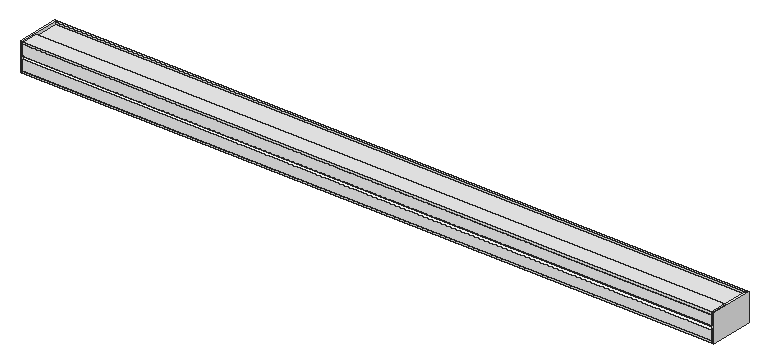
Revit family "4070758+4070747 Feilo Sylvania Lighting Fixture CURSUS 876MM 620LM OVAL LED 3K with SINGLE WALL HOUSING", category Lighting Fixtures, host Face, Revit 2017
Family settings
  Host = Face
  Round Connector Dimension = Use Diameter
  Part Type = Normal
  OmniClass Number = 23.80.70.14
  OmniClass Title = Luminaries for External Lighting
  Cut with Voids When Loaded = Yes
  Light Source = Yes
  Shared = Yes
  Room Calculation Point = No
Parameters (values of type "4070758 CURSUS 876MM 620LM OVAL LED 3K")
  Width_FEILO = 35 mm
  Weight = "1.7 kg"
  Wattage Comments = "n/a"
  Wattage = 13.5 W
  WarrantyStartDate [instance] = "n/a"
  WarrantyGuarantorParts = "n/a"
  WarrantyDurationUnit = "n/a"
  WarrantyDurationParts = "n/a"
  WarrantyDescription = "n/a"
  WallThickness_FEILO = 2.5 mm
  built-in parameter 1150110 = 1 (stored number, unit not read)
  Voltage = 24 V
  URL = "http://www.sylvania-lighting.com"
  TypeName = "CURSUS 876MM 620LM OVAL LED 3K"
  Type Image = <None>
  Type Comments = "n/a"
  built-in parameter 1114217 = 1 (stored number, unit not read)
  Tilt Angle = -90.00°
  built-in parameter 1150109 = 1 (stored number, unit not read)
  built-in parameter 1150134 = (empty or 0)
  built-in parameter 1150113 = 1 (stored number, unit not read)
  SerialNumber [instance] = "n/a"
  ReflectorMaterial = none
  PowerFactor = 0
  PowerConsumption = "13.5 W"
  Photometric Web File = "4070758.ies"
  NominalLength = 876 mm
  NominalHeight = 50 mm
  NominalDepth = 30 mm
  Name = "CURSUS 876MM 620LM OVAL LED 3K"
  ModelReference = Name  # "CURSUS 876MM 620LM OVAL LED 3K"
  ModelNumber = "4070758"
  Model = Name  # "CURSUS 876MM 620LM OVAL LED 3K"
  Material = "natural anodised extruded aluminium structure housing, optical system with pmma lenses diffuser"
  ManufacturerName = "Feilo Sylvania"
  Manufacturer = "Feilo Sylvania"
  LuminousEfficacy = "45.92 lm/W"
  built-in parameter 1150105 = 874.55 (stored number, unit not read)
  Lumens = 620 lm
  LuminaireType = ""
  built-in parameter 1150115 = 1 (stored number, unit not read)
  LightOutputRatio = "100"
  built-in parameter 1150137 = (empty or 0)
  built-in parameter 1150139 = (empty or 0)
  Length_FEILO = 882 mm
  LampsType = Lamp  # "LED"
  LampNominalLuminous = "620 lm"
  LampMacAdamStep = "n/a"
  LampColourTemperature = "3000 K"
  LampColourRenderingIndex = "80"
  built-in parameter 1150112 = 1 (stored number, unit not read)
  built-in parameter 1150114 = 1 (stored number, unit not read)
  Lamp = "LED"
  Keynote = "16500"
  InstallationDate [instance] = "n/a"
  InputVoltage = "24V DC"
  InputNominalFrequency = "50/60 Hz"
  built-in parameter 1150132 = (empty or 0)
  built-in parameter 1150102 = (empty or 0)
  built-in parameter 1150107 = 3000 (stored number, unit not read)
  built-in parameter 1150138 = (empty or 0)
  IngressProtection = "IP67"
  ImpactProtectionIndex = "IK07"
  built-in parameter 1150106 = 8.7455 (stored number, unit not read)
  IfcExportType = "IfcLightFixtureType"
  IfcExportAs = "IfcLightFixtureType"
  ExpectedLife = 50000
  EndCapRight [instance] = yes
  EndCapLeft [instance] = yes
  Emit from Rectangle Width = Width_FEILO - WallThickness_FEILO * 2  # 30 mm
  Emit from Rectangle Length = Length_FEILO - WallThickness_FEILO * 2  # 877 mm
  Emit Shape Visible in Rendering = no
  ElectricShockClassification = "Class III"
  built-in parameter 1150104 = 4.2667 (stored number, unit not read)
  DurationUnit = "hours"
  DocumentationLiterature = "http://www.sylvania-lighting.com/product/en-int/products/4070758"
  DimmingControlOptions = "n/a"
  Dimming Lamp Color Temperature Shift = <None>
  DiffuserMaterial = Diffuser-Sylvania-Glow
  Description = "LED Exterior Lighting Recessed Surface Mounted Linear Fixture, Natural anodised extruded aluminium structure. Die-cast aluminium end caps. Installation kit with harmonic steel springs., 620 lm, 13,5W, 45lm/W, 3000K, CRI80+,non dimmable,IP67, IK07, (HxWxD) 876x50x30mm, 3 step Mac Adam Ellipse, 1.7kg,, Classe III, 21-25V-DC, energy class : A++, A+, A"
  Default Elevation = 1219.2 mm
  CreatedOn = "1/8/2018"
  CreatedBy = ""
  Cost = 0
  Color Filter = 16777215
  built-in parameter 1114216 [instance] = (empty or 0)
  ClassificationValue = "EF_70_80"
  ClassificationName = "Uniclass2015"
  BodyMaterial = Body-Sylvania-Gray
  BarCode [instance] = "n/a"
  built-in parameter 1114218 = 1 (stored number, unit not read)
  built-in parameter 1150133 = 10 (stored number, unit not read)
  AssetType = "Fixed"
  AssetIdentifier [instance] = "n/a"
  Assembly Code = "D5020200"
  Apparent Load = 13.5 VA
  AccessoryMaterial = Diffuser-Sylvania-Glow
Reference planes
  plane 1 "Center (Front/Back)": y = 0
  plane 2: z = 0
  plane 3 "Center (Left/Right)": x = 0
  plane 4: x = 441
  plane 5: x = -441
  plane 6: x = -438.5
  plane 7: x = 438.5
  plane 8: z = 35
  plane 9: z = 17.5
  plane 10: z = 32.5
  plane 11: z = 2.5
  plane 12: z = 30
  plane 13: z = 5
  plane 14: y = -55
  plane 15: y = -53
  plane 16: y = -2.5
  plane 17: y = -37
  plane 18: y = -34.5
Forms (mm)
  Extrusion 1, solid, material "Body-Sylvania-Gray" <- "BodyMaterial"
    sketch origin (0, 0, 0) x (0, 1, 0) y (0, 0, 1)
      loop
        line (0, 35) -> (-2.5, 35) -> (-2.5, 32.5) -> (-34.5, 32.5) -> (-34.5, 35) -> (-55, 35) -> (-55, 32.5) -> (-37, 32.5) -> (-37, 30) -> (-2.5, 30) -> (-2.5, 5) -> (-37, 5) -> (-37, 2.5) -> (-55, 2.5) -> (-55, 0) -> (-34.5, 0) -> (-34.5, 2.5) -> (-2.5, 2.5) -> (-2.5, 0) -> (0, 0) -> (0, 35)
    from -438.5 to 438.5
  Extrusion 2, solid, material "Diffuser-Sylvania-Glow" <- "DiffuserMaterial"
    sketch origin (0, 0, 0) x (0, 1, 0) y (0, 0, 1)
      loop
        line (-37, 32.5) -> (-55, 32.5) -> (-55, 19.5) -> (-53, 17.5) -> (-55, 15.5) -> (-55, 2.5) -> (-37, 2.5) -> (-37, 32.5)
    from -438.5 to 438.5
  Extrusion 3, solid, material "Body-Sylvania-Gray" <- "BodyMaterial", visible <- "EndCapRight"
    sketch origin (438.5, 1524, 1219.2) x (0, 1, 0) y (0, 0, 1)
      loop
        line (-1579, -1184.2) -> (-1579, -1219.2) -> (-1524, -1219.2) -> (-1524, -1184.2) -> (-1579, -1184.2)
    from 0 to 2.5
  Extrusion 4, solid, material "Body-Sylvania-Gray" <- "BodyMaterial", visible <- "EndCapLeft"
    sketch origin (-438.5, 1524, 1219.2) x (0, 1, 0) y (0, 0, 1)
      loop
        line (-1579, -1184.2) -> (-1579, -1219.2) -> (-1524, -1219.2) -> (-1524, -1184.2) -> (-1579, -1184.2)
    from -2.5 to 0
Dimensions and locks
  equal spacing: plane 5, plane 3 "Center (Left/Right)", plane 4
  "Length_FEILO": plane 5 to plane 4
  equal spacing: plane 6, plane 3 "Center (Left/Right)", plane 7
  "WallThickness_FEILO": plane 5 to plane 6
  locked: plane 9 to plane 2 at 17.5
  locked: plane 8 to plane 2 at 35
  equal spacing: plane 11, plane 9, plane 10
  equal spacing: plane 13, plane 9, plane 12
  "WallThickness_FEILO": plane 12 to plane 10
  locked: plane 14 to plane 15 at 2
  locked: plane 14 to plane 17 at 18
  "WallThickness_FEILO": plane 17 to plane 18
  "WallThickness_FEILO": plane 16 to plane 1 "Center (Front/Back)"
  locked: plane 15 to Extrusion 2 sketch curve (angle 45.00°)
  locked: Extrusion 2 sketch curve to plane 15 (angle 45.00°)
  aligned and locked: plane 2 to host face
  aligned and locked: level to host face
  aligned and locked: plane 1 "Center (Front/Back)" to Extrusion 1 sketch curve
  aligned and locked: Extrusion 1 sketch curve to plane 8  (x2)
  aligned and locked: plane 16 to Extrusion 1 sketch curve
  aligned and locked: host face to Extrusion 1 sketch curve
  aligned and locked: Extrusion 1 sketch curve to plane 16  (x2)
  aligned and locked: Extrusion 1 sketch curve to plane 11
  aligned and locked: plane 18 to Extrusion 1 sketch curve
  aligned and locked: level to Extrusion 1 sketch curve
  aligned and locked: plane 11 to Extrusion 1 sketch curve
  aligned and locked: Extrusion 1 sketch curve to plane 17
  aligned and locked: plane 13 to Extrusion 1 sketch curve
  aligned and locked: Extrusion 1 sketch curve to plane 12
  aligned and locked: plane 10 to Extrusion 1 sketch curve  (x2)
  aligned and locked: plane 17 to Extrusion 1 sketch curve  (x2)
  aligned and locked: plane 12 to Extrusion 1 sketch curve
  aligned and locked: Extrusion 1 sketch curve to plane 10
  aligned and locked: Extrusion 1 sketch curve to plane 18
  aligned and locked: plane 7 to Extrusion 1
  aligned and locked: Extrusion 1 to plane 6
  aligned and locked: Extrusion 2 sketch curve to Extrusion 1  (x4)
  aligned and locked: Extrusion 1 to Extrusion 2 sketch curve
  aligned and locked: plane 9 to Extrusion 2 sketch curve
  aligned and locked: plane 7 to Extrusion 2
  aligned and locked: Extrusion 2 to plane 6
  aligned and locked: Extrusion 3 sketch curve to Extrusion 1  (x4)
  aligned and locked: plane 4 to Extrusion 3
  aligned and locked: Extrusion 3 to plane 7
  aligned and locked: Extrusion 4 sketch curve to Extrusion 3  (x3)
  aligned and locked: Extrusion 4 sketch curve to Extrusion 1
  aligned and locked: Extrusion 4 to plane 5
  aligned and locked: plane 6 to Extrusion 4
  aligned and locked: plane 14 to imposter light
  aligned and locked: imposter light to plane 9
  aligned and locked: plane 3 "Center (Left/Right)" to imposter light
Automatic sketch dimensions
  host sketch curve to host sketch curve = 2438.4 mm  (x2)
  Extrusion 1 sketch curve to plane 14 = 0 mm  (x2)
  Extrusion 2 sketch curve to plane 15 = 0 mm
Connectors
  electrical at (0, 0, 0), driven by "Apparent Load", driven by "PowerFactor", driven by "Voltage"
    settings: index 1, voltage 24 V, apparent load 13.5 VA, apparent load phase1 0 VA, apparent load phase2 0 VA, apparent load phase3 0 VA, power factor 0, load classification "Lighting", number of poles 1, system type 30, power factor state 1, is connector primary yes, connector utility no, sub classification motor no, connector description ""
